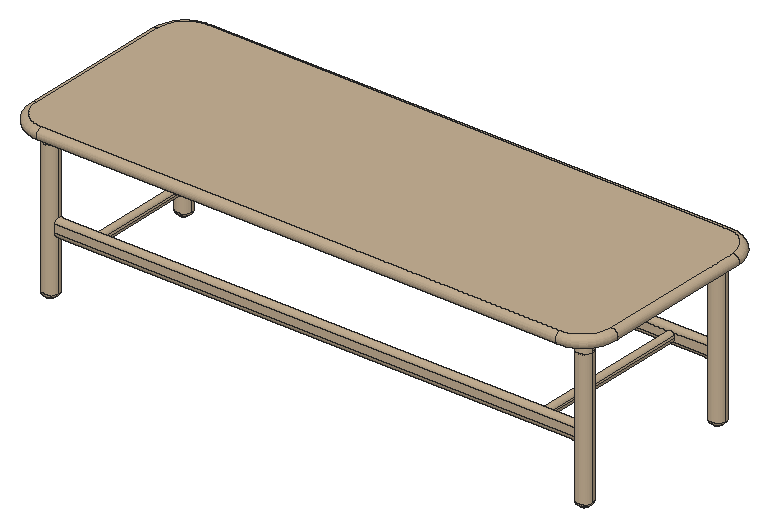
Revit family "FU_Sandler_Wudi 9-3", category Furniture, Revit 2023
Family settings
  OmniClass Number = 23.40.20.00
  OmniClass Title = General Furniture and Specialties
  Work Plane-Based = No
  Enable Cutting in Views = No
  Always vertical = Yes
  Cut with Voids When Loaded = No
  Render Appearance Source = Family Geometry
  Shared = No
  Room Calculation Point = No
Parameters (values of type "Wudi 9.3")
  Width = 1200 mm
  URL = "https://www.sandlerseating.com/product/wudi-9-3/"
  Table Top = Wood - Oak - Sandler - Walnut - TableTops
  Table Leg Finish = Wood - Oak - Sandler - Walnut - Legs
  Shelf Visibility = no
  Model = "Wudi 9.3"
  Manufacturer = "Sandler"
  Height = 335 mm  # constant formula
  Description = "Coffee table made of solid oak. 60 x 45cm"
  Depth = 450 mm  # constant formula
  Default Elevation = 0 mm
  Assembly Code = "E2020200"
Types (5, lengths in mm): name | Width | URL | Shelf Visibility | Model
  (no name) | 1200 | "https://www.sandlerseating.com/product/wudi-9-3/" | no | "Wudi 9.3"
  Wudi 9.1 | 600 | "https://www.sandlerseating.com/product/wudi-9-1/" | no | "Wudi 9.1"
  Wudi 9.2 | 600 | "https://www.sandlerseating.com/product/wudi-9-2/" | yes | "Wudi 9.2"
  Wudi 9.3 | 1200 | "https://www.sandlerseating.com/product/wudi-9-3/" | no | "Wudi 9.3"
  Wudi 9.4 | 1200 | "https://www.sandlerseating.com/product/wudi-9-4/" | yes | "Wudi 9.4"
Reference planes
  plane 1 "Center (Front/Back)": y = 0
  plane 2: z = 0
  plane 3 "Center (Left/Right)": x = 0
  plane 4: y = 225
  plane 5: y = -225
  plane 6: x = -600
  plane 7: x = 587
  plane 8 "Table top": z = 335
  plane 9: z = 312
  plane 10: y = 155
  plane 11: x = -530
  plane 12: y = -155
  plane 13: x = 530
  plane 14: y = 212
  plane 15: y = -212
  plane 16: x = -587
  plane 17: x = -545
  plane 18: x = 545
  plane 19 "Front Legs": y = -170
  plane 20 "Back Legs - Center": y = 170
  plane 21: z = 7
  plane 22: x = 600
  plane 23 "Magazine Center line": z = 134.5
  plane 24: y = -179
  plane 25: y = -161
  plane 26: y = 179
  plane 27: y = 161
  plane 28: x = -455
  plane 29: x = 455
  plane 30: x = -515
  plane 31: x = -503
  plane 32: x = 503
  plane 33: x = -215
  plane 34: x = 515
  plane 35: y = -195
  plane 36: y = -183
  plane 37: y = 195
  plane 38: y = 183
  plane 39 "shelf Bottom": z = 152
  plane 40 "Center L/S": z = 170
Forms (mm)
  Extrusion 1, solid, material "Wood - Oak - Sandler - Walnut - TableTops" <- "Table Top"
    sketch origin (0, 0, 335) x (-1, 0, 0) y (0, -1, 0)
      loop
        line (587, -155) -> (587, 155)
        arc (587, 155) -> (570.305, 195.305) -> (530, 212) r 57
        line (530, 212) -> (-530, 212)
        arc (-530, 212) -> (-570.305, 195.305) -> (-587, 155) r 57
        line (-587, 155) -> (-587, -155)
        arc (-587, -155) -> (-570.305, -195.305) -> (-530, -212) r 57
        line (-530, -212) -> (530, -212)
        arc (530, -212) -> (570.305, -195.305) -> (587, -155) r 57
    from -23 to 0
  Sweep 2, solid, material "Wood - Oak - Sandler - Walnut - TableTops" <- "Table Top"
    path in 3D
      loop
        arc (530, -212, 335) -> (570.305, -195.305, 335) -> (587, -155, 335) r 57
        line (587, -155, 335) -> (587, 155, 335)
        arc (587, 155, 335) -> (570.305, 195.305, 335) -> (530, 212, 335) r 57
        line (530, 212, 335) -> (-530, 212, 335)
        arc (-530, 212, 335) -> (-570.305, 195.305, 335) -> (-587, 155, 335) r 57
        line (-587, 155, 335) -> (-587, -155, 335)
        arc (-587, -155, 335) -> (-570.305, -195.305, 335) -> (-530, -212, 335) r 57
        line (-530, -212, 335) -> (530, -212, 335)
    profile "Profile_Ellispe_Top : 23x13 Top" origin (-587, 0, 335) x (1, 0, 0) y (0, 0, 1)
      loop
        spline (0, 0) -> (-3.365, -0.392) -> (-6.5, -1.541) -> (-9.192, -3.368) -> (-11.258, -5.75) -> (-12.557, -8.524) -> (-13, -11.5) -> (-12.557, -14.476) -> (-11.258, -17.25) -> (-9.192, -19.632) -> (-6.5, -21.459) -> (-3.365, -22.608) -> (0, -23)
        line (0, -23) -> (0, 0)
  Revolve 3, solid, material "Wood - Oak - Sandler - Walnut - Legs" <- "Table Leg Finish"
    sketch origin (0, -170, 0) x (0, 0, -1) y (-1, 0, 0)
      loop
        line (-312, 545) -> (-312, 534.772)
        arc (-312, 534.772) -> (-299.829, 530.462) -> (-287, 529) r 57.029
        line (-287, 529) -> (-12, 529)
        arc (-12, 529) -> (-8.464, 530.464) -> (-7, 534) r 5
        line (-7, 534) -> (-7, 545) -> (-312, 545)
      axis (-7, 545) -> (-312, 545)
    angle from 0 to 360
  Revolve 4, solid, material "Rubber, Black"
    sketch origin (0, -170, 0) x (0, 0, -1) y (-1, 0, 0)
      loop
        line (0, 545) -> (-7, 545) -> (-7, 536.5) -> (-3.584, 536.5)
        arc (-3.584, 536.5) -> (-2.873, 536.794) -> (-2.579, 537.505) r 1.005
        arc (-2.579, 537.505) -> (-0.694, 541.048) -> (0, 545) r 12.775
      axis (0, 545) -> (-7, 545)
    angle from 0 to 360
  Revolve 5, solid, material "Wood - Oak - Sandler - Walnut - Legs" <- "Table Leg Finish"
    sketch origin (0, -170, 0) x (0, 0, -1) y (-1, 0, 0)
      loop
        line (-312, -545) -> (-7, -545) -> (-7, -534)
        arc (-7, -534) -> (-8.464, -530.464) -> (-12, -529) r 5
        line (-12, -529) -> (-287, -529)
        arc (-287, -529) -> (-299.829, -530.462) -> (-312, -534.772) r 57.029
        line (-312, -534.772) -> (-312, -545)
      axis (-7, -545) -> (-312, -545)
    angle from 0 to 360
  Revolve 6, solid, material "Rubber, Black"
    sketch origin (0, -170, 0) x (0, 0, -1) y (-1, 0, 0)
      loop
        arc (0, -545) -> (-0.694, -541.048) -> (-2.579, -537.505) r 12.775
        arc (-2.579, -537.505) -> (-2.873, -536.794) -> (-3.584, -536.5) r 1.005
        line (-3.584, -536.5) -> (-7, -536.5) -> (-7, -545) -> (0, -545)
      axis (0, -545) -> (-7, -545)
    angle from 0 to 360
  Revolve 7, solid, material "Wood - Oak - Sandler - Walnut - Legs" <- "Table Leg Finish"
    sketch origin (0, 170, 0) x (0, 0, -1) y (-1, 0, 0)
      loop
        line (-312, 545) -> (-312, 534.772)
        arc (-312, 534.772) -> (-299.829, 530.462) -> (-287, 529) r 57.029
        line (-287, 529) -> (-12, 529)
        arc (-12, 529) -> (-8.464, 530.464) -> (-7, 534) r 5
        line (-7, 534) -> (-7, 545) -> (-312, 545)
      axis (-7, 545) -> (-312, 545)
    angle from 0 to 360
  Revolve 8, solid, material "Rubber, Black"
    sketch origin (0, 170, 0) x (0, 0, -1) y (-1, 0, 0)
      loop
        line (0, 545) -> (-7, 545) -> (-7, 536.5) -> (-3.584, 536.5)
        arc (-3.584, 536.5) -> (-2.873, 536.794) -> (-2.579, 537.505) r 1.005
        arc (-2.579, 537.505) -> (-0.694, 541.048) -> (0, 545) r 12.775
      axis (0, 545) -> (-7, 545)
    angle from 0 to 360
  Revolve 9, solid, material "Wood - Oak - Sandler - Walnut - Legs" <- "Table Leg Finish"
    sketch origin (0, 170, 0) x (0, 0, -1) y (-1, 0, 0)
      loop
        line (-312, -545) -> (-7, -545) -> (-7, -534)
        arc (-7, -534) -> (-8.464, -530.464) -> (-12, -529) r 5
        line (-12, -529) -> (-287, -529)
        arc (-287, -529) -> (-299.829, -530.462) -> (-312, -534.772) r 57.029
        line (-312, -534.772) -> (-312, -545)
      axis (-7, -545) -> (-312, -545)
    angle from 0 to 360
  Revolve 10, solid, material "Rubber, Black"
    sketch origin (0, 170, 0) x (0, 0, -1) y (-1, 0, 0)
      loop
        arc (0, -545) -> (-0.694, -541.048) -> (-2.579, -537.505) r 12.775
        arc (-2.579, -537.505) -> (-2.873, -536.794) -> (-3.584, -536.5) r 1.005
        line (-3.584, -536.5) -> (-7, -536.5) -> (-7, -545) -> (0, -545)
      axis (0, -545) -> (-7, -545)
    angle from 0 to 360
  Sweep 11, solid, material "Wood - Oak - Sandler - Walnut - Legs" <- "Table Leg Finish"
    path in 3D
      loop
        line (-545, -170, 134.5) -> (545, -170, 134.5)
    profile origin (0, -170, 134.5) x (0, 0, -1) y (0, 1, 0)
      loop
        line (-8.5, -9) -> (8.5, -9)
        arc (8.5, -9) -> (17.5, 0) -> (8.5, 9) r 9
        line (8.5, 9) -> (-8.5, 9)
        arc (-8.5, 9) -> (-17.5, 0) -> (-8.5, -9) r 9
      loop
        arc (8.5, 331) -> (17.5, 340) -> (8.5, 349) r 9
        line (8.5, 349) -> (-8.5, 349)
        arc (-8.5, 349) -> (-17.5, 340) -> (-8.5, 331) r 9
        line (-8.5, 331) -> (8.5, 331)
  Sweep 12, solid, material "Wood - Oak - Sandler - Walnut - Legs" <- "Table Leg Finish"
    path in 3D
      loop
        line (0, 170, 134.5) -> (0, -170, 134.5)
    profile origin (0, 0, 134.5) x (0, 0, -1) y (1, 0, 0)
      loop
        line (-2.5, -462.5) -> (2.5, -462.5)
        arc (2.5, -462.5) -> (10, -455) -> (2.5, -447.5) r 7.5
        line (2.5, -447.5) -> (-2.5, -447.5)
        arc (-2.5, -447.5) -> (-10, -455) -> (-2.5, -462.5) r 7.5
      loop
        line (-2.5, 447.5) -> (2.5, 447.5)
        arc (2.5, 447.5) -> (10, 455) -> (2.5, 462.5) r 7.5
        line (2.5, 462.5) -> (-2.5, 462.5)
        arc (-2.5, 462.5) -> (-10, 455) -> (-2.5, 447.5) r 7.5
  Extrusion 13, solid, material "Wood - Oak - Sandler - Walnut - TableTops" <- "Table Top", visible <- "Shelf Visibility"
    sketch origin (0, 0, 152) x (1, 0, 0) y (0, 1, 0)
      loop
        line (-503, 130) -> (-503, -130)
        arc (-503, -130) -> (-487.477, -167.477) -> (-450, -183) r 53
        line (-450, -183) -> (450, -183)
        arc (450, -183) -> (487.477, -167.477) -> (503, -130) r 53
        line (503, -130) -> (503, 130)
        arc (503, 130) -> (487.477, 167.477) -> (450, 183) r 53
        line (450, 183) -> (-450, 183)
        arc (-450, 183) -> (-487.477, 167.477) -> (-503, 130) r 53
    from 0 to 18
  Sweep 14, solid, material "Wood - Oak - Sandler - Walnut - TableTops" <- "Table Top", visible <- "Shelf Visibility"
    path in 3D
      loop
        arc (450, -183, 170) -> (487.477, -167.477, 170) -> (503, -130, 170) r 53
        line (503, -130, 170) -> (503, 130, 170)
        arc (503, 130, 170) -> (487.477, 167.477, 170) -> (450, 183, 170) r 53
        line (450, 183, 170) -> (-450, 183, 170)
        arc (-450, 183, 170) -> (-487.477, 167.477, 170) -> (-503, 130, 170) r 53
        line (-503, 130, 170) -> (-503, -130, 170)
        arc (-503, -130, 170) -> (-487.477, -167.477, 170) -> (-450, -183, 170) r 53
        line (-450, -183, 170) -> (450, -183, 170)
    profile "Profile_Ellispe_Top : 18x12 Shelf" origin (0, -183, 170) x (0, 1, 0) y (0, 0, 1)
      loop
        spline (0, 0) -> (-3.106, -0.307) -> (-6, -1.206) -> (-8.485, -2.636) -> (-10.392, -4.5) -> (-11.591, -6.671) -> (-12, -9) -> (-11.591, -11.329) -> (-10.392, -13.5) -> (-8.485, -15.364) -> (-6, -16.794) -> (-3.106, -17.693) -> (0, -18)
        line (0, -18) -> (0, 0)
Cuts and joins
  joined: Extrusion 1, Sweep 2
  joined: Revolve 3, Revolve 5, Revolve 7, Revolve 9, Sweep 11, Sweep 12
  joined: Extrusion 13, Sweep 14
Lines and regions (mm)
  sketch lines
    curve 1: line (-530, -212, 335) -> (530, -212, 335)
    curve 2: arc (587, -155, 335) -> (570.305, -195.305, 335) -> (530, -212, 335) r 57
    curve 3: line (587, -155, 335) -> (587, 155, 335)
    curve 4: arc (530, 212, 335) -> (570.305, 195.305, 335) -> (587, 155, 335) r 57
    curve 5: line (530, 212, 335) -> (-530, 212, 335)
    curve 6: arc (-587, 155, 335) -> (-570.305, 195.305, 335) -> (-530, 212, 335) r 57
    curve 7: line (-587, 155, 335) -> (-587, -155, 335)
    curve 8: arc (-530, -212, 335) -> (-570.305, -195.305, 335) -> (-587, -155, 335) r 57
    curve 11: line (-545, -170, 134.5) -> (545, -170, 134.5)
    curve 13: line (0, 170, 134.5) -> (0, -170, 134.5)
    curve 14: line (-450, -183, 170) -> (450, -183, 170)
    curve 15: arc (-450, -183, 170) -> (-487.477, -167.477, 170) -> (-503, -130, 170) r 53
    curve 16: line (-503, 130, 170) -> (-503, -130, 170)
    curve 17: arc (-503, 130, 170) -> (-487.477, 167.477, 170) -> (-450, 183, 170) r 53
    curve 18: line (450, 183, 170) -> (-450, 183, 170)
    curve 19: arc (450, 183, 170) -> (487.477, 167.477, 170) -> (503, 130, 170) r 53
    curve 20: line (503, -130, 170) -> (503, 130, 170)
    curve 21: arc (503, -130, 170) -> (487.477, -167.477, 170) -> (450, -183, 170) r 53
  reference lines
    curve 9: line (-545, -170, 134.5) -> (545, -170, 134.5)
    curve 10: line (545, 170, 134.5) -> (-545, 170, 134.5)
    curve 12: line (0, 170, 134.5) -> (0, -170, 134.5)
Dimensions and locks
  equal spacing: plane 6, plane 3 "Center (Left/Right)", plane 22
  equal spacing: plane 4, plane 1 "Center (Front/Back)", plane 5
  "Width": plane 6 to plane 22
  "Depth": plane 4 to plane 5
  "Height": plane 8 "Table top" to level
  locked: plane 8 "Table top" to plane 9 at 23
  locked: plane 6 to plane 11 at 70
  locked: plane 4 to plane 10 at 70
  locked: plane 5 to plane 12 at 70
  locked: plane 4 to plane 14 at 13
  locked: plane 5 to plane 15 at 13
  locked: plane 6 to plane 16 at 13
  locked: plane 6 to plane 17 at 55
  locked: plane 4 to plane 20 "Back Legs - Center" at 55
  locked: plane 18 to plane 22 at 55
  locked: plane 13 to plane 22 at 70
  locked: plane 7 to plane 22 at 13
  locked: plane 23 "Magazine Center line" to level at 134.5
  plane 27 to plane 20 "Back Legs - Center" to plane 26 = 9 mm locked, 9 mm locked
  plane 24 to plane 19 "Front Legs" to plane 25 = 9 mm locked, 9 mm locked
  locked: plane 28 to plane 17 at 90
  locked: plane 29 to plane 18 at 90
  equal spacing: Sweep 12 sketch curve, plane 28, Sweep 12 sketch curve, locked at 7.5 each
  equal spacing: Sweep 12 sketch curve, plane 29, Sweep 12 sketch curve, locked at 7.5 each
  plane 17 to plane 30 to plane 31 = 30 mm locked, 12 mm locked
  plane 32 to plane 34 to plane 18 = 12 mm locked, 30 mm locked
  plane 19 "Front Legs" to plane 36 to plane 35 = 13 mm locked, 12 mm locked
  plane 20 "Back Legs - Center" to plane 38 to plane 37 = 13 mm locked, 12 mm locked
  locked: plane 31 to Extrusion 13 sketch curve at 53  (x2)
  locked: Extrusion 13 sketch curve to plane 32 at 53  (x2)
  locked: plane 38 to Extrusion 13 sketch curve at 53  (x2)
  locked: plane 36 to Extrusion 13 sketch curve at 53  (x2)
  locked: plane 40 "Center L/S" to plane 39 "shelf Bottom" at 18
  locked: plane 39 "shelf Bottom" to plane 23 "Magazine Center line" at 17.5
  aligned and locked: level to plane 2
  aligned and locked: Extrusion 1 to plane 9
  aligned and locked: Extrusion 1 to plane 8 "Table top"
  aligned and locked: Revolve 3 sketch curve to plane 17  (x2)
  aligned and locked: Revolve 4 sketch curve to plane 17
  aligned and locked: plane 21 to Revolve 3 sketch curve
  aligned and locked: plane 9 to Revolve 3 sketch curve
  aligned and locked: plane 21 to Revolve 4 sketch curve
  aligned and locked: Extrusion 1 sketch curve to plane 16
  aligned and locked: Extrusion 1 sketch curve to plane 7
  aligned and locked: plane 10 to Extrusion 1 sketch curve
  aligned and locked: plane 11 to Extrusion 1 sketch curve  (x2)
  aligned and locked: Extrusion 1 sketch curve to plane 12
  aligned and locked: plane 12 to Extrusion 1 sketch curve
  aligned and locked: plane 13 to Extrusion 1 sketch curve  (x2)
  aligned and locked: Extrusion 1 sketch curve to plane 10
  aligned and locked: Revolve 5 sketch curve to plane 18
  aligned and locked: plane 18 to Revolve 5 sketch curve
  aligned and locked: Revolve 6 sketch curve to plane 18  (x2)
  aligned and locked: Revolve 9 sketch curve to plane 18  (x2)
  aligned and locked: Revolve 7 sketch curve to plane 17
  aligned and locked: plane 17 to Revolve 7 sketch curve
  aligned and locked: Revolve 8 sketch curve to plane 17  (x2)
  aligned and locked: Revolve 10 sketch curve to plane 18
  aligned and locked: plane 18 to Revolve 10 sketch curve
  aligned and locked: curve 9 to plane 23 "Magazine Center line"
  aligned and locked: plane 17 to curve 9
  aligned and locked: plane 18 to curve 9
  aligned and locked: curve 10 to plane 23 "Magazine Center line"
  aligned and locked: plane 18 to curve 10
  aligned and locked: plane 17 to curve 10
  aligned and locked: Sweep 11 sketch curve to plane 25
  aligned and locked: Sweep 11 sketch curve to plane 27
  aligned and locked: Sweep 11 sketch curve to plane 26
  aligned and locked: curve 12 to plane 23 "Magazine Center line"
  aligned and locked: plane 20 "Back Legs - Center" to curve 10  (x2)
  aligned and locked: plane 19 "Front Legs" to curve 9
  aligned and locked: Extrusion 13 sketch curve to plane 36
  aligned and locked: Extrusion 13 to plane 40 "Center L/S"
  aligned and locked: plane 39 "shelf Bottom" to Extrusion 13
Automatic sketch dimensions
  plane 11 to Revolve 3 sketch curve = 1 mm
  Revolve 3 sketch curve to plane 9 = 25 mm
  Revolve 3 sketch curve to plane 11 = 4 mm
  Revolve 3 sketch curve to Revolve 3 sketch curve = 10.228 mm
  plane 8 "Table top" to Revolve 3 sketch curve = 116.452 mm
  Revolve 3 sketch curve to level = 64.576 mm
  Revolve 4 sketch curve to plane 17 = 0 mm
  Revolve 4 sketch curve to level = 0 mm
  Revolve 4 sketch curve to plane 17 = 0.204 mm
  Revolve 4 sketch curve to plane 21 = 5.773 mm
  plane 21 to Revolve 4 sketch curve = 3.416 mm
  Revolve 4 sketch curve to plane 11 = 7.505 mm
  plane 8 "Table top" to Revolve 4 sketch curve = 116.452 mm
  Revolve 4 sketch curve to level = 64.576 mm
  Revolve 5 sketch curve to plane 9 = 0 mm
  Revolve 5 sketch curve to plane 21 = 0 mm
  plane 13 to Revolve 5 sketch curve = 1 mm
  Revolve 5 sketch curve to plane 9 = 25 mm
  Revolve 5 sketch curve to plane 13 = 4 mm
  Revolve 5 sketch curve to plane 7 = 0.971 mm
  plane 8 "Table top" to Revolve 5 sketch curve = 116.452 mm
  Revolve 5 sketch curve to level = 64.576 mm
  Revolve 6 sketch curve to plane 21 = 0 mm
  Revolve 6 sketch curve to level = 0 mm
  Revolve 6 sketch curve to plane 18 = 0.204 mm
  Revolve 6 sketch curve to plane 21 = 5.773 mm
  plane 21 to Revolve 6 sketch curve = 3.416 mm
  Revolve 6 sketch curve to plane 13 = 7.505 mm
  plane 8 "Table top" to Revolve 6 sketch curve = 116.452 mm
  Revolve 6 sketch curve to Revolve 6 sketch curve = 64.576 mm
  Revolve 7 sketch curve to plane 9 = 0 mm
  Revolve 7 sketch curve to plane 21 = 0 mm
  Revolve 7 sketch curve to plane 11 = 1 mm
  plane 9 to Revolve 7 sketch curve = 25 mm
  plane 11 to Revolve 7 sketch curve = 4 mm
  Revolve 7 sketch curve to Revolve 7 sketch curve = 10.228 mm
  Revolve 7 sketch curve to plane 8 "Table top" = 116.452 mm
  level to Revolve 7 sketch curve = 64.576 mm
  Revolve 8 sketch curve to plane 21 = 0 mm
  Revolve 8 sketch curve to level = 0 mm
  plane 17 to Revolve 8 sketch curve = 0.204 mm
  plane 21 to Revolve 8 sketch curve = 5.773 mm
  Revolve 8 sketch curve to plane 21 = 3.416 mm
  plane 11 to Revolve 8 sketch curve = 7.505 mm
  Revolve 8 sketch curve to plane 8 "Table top" = 116.452 mm
  level to Revolve 8 sketch curve = 64.576 mm
  Revolve 9 sketch curve to plane 9 = 0 mm
  Revolve 9 sketch curve to plane 21 = 0 mm
  Revolve 9 sketch curve to plane 13 = 1 mm
  plane 9 to Revolve 9 sketch curve = 25 mm
  plane 13 to Revolve 9 sketch curve = 4 mm
  plane 7 to Revolve 9 sketch curve = 0.971 mm
  Revolve 9 sketch curve to plane 8 "Table top" = 116.452 mm
  level to Revolve 9 sketch curve = 64.576 mm
  Revolve 10 sketch curve to plane 21 = 0 mm
  Revolve 10 sketch curve to level = 0 mm
  plane 18 to Revolve 10 sketch curve = 0.204 mm
  plane 21 to Revolve 10 sketch curve = 5.773 mm
  Revolve 10 sketch curve to plane 21 = 3.416 mm
  plane 13 to Revolve 10 sketch curve = 7.505 mm
  Revolve 10 sketch curve to plane 8 "Table top" = 116.452 mm
  Revolve 10 sketch curve to Revolve 10 sketch curve = 64.576 mm
  profile plane to Sweep 11 sketch curve = 8.5 mm  (x2)
  Sweep 11 sketch curve to profile plane = 8.5 mm  (x2)
  Sweep 11 sketch curve to profile plane = 0 mm
  curve 12 to plane 19 "Front Legs" = 0 mm
  curve 12 to plane 20 "Back Legs - Center" = 0 mm
  profile plane to Sweep 12 sketch curve = 2.5 mm  (x2)
  Sweep 12 sketch curve to profile plane = 2.5 mm  (x2)
  Sweep 12 sketch curve to Sweep 12 sketch curve = 7.5 mm  (x2)
